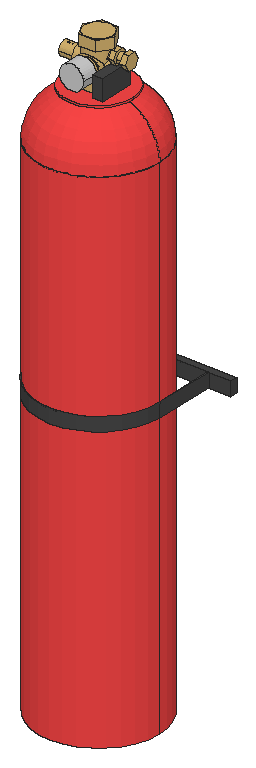
Revit family "Cilindros autonomos de 5 a 120l FK-5-1-12_Aguilera Extincion", category Equipos especializados, Revit 2019
Family settings
  Anfitrión = Suelo
  Cota de conector redondo = Radio de uso
  Tipo de pieza = Normal
  Número OmniClass = 23.65.20.14.24
  Título OmniClass = Other Gas Storage Vessels
  Siempre vertical = Sí
  Corte con vacíos al cargar = No
  Compartido = No
  Punto de cálculo de habitación = No
Parameters (values of type "Cilindro autónomo MH5112® (FK-5-1-12) - 120 l")
  URL = "https://aguilera.es/?productos=botellas-autonomas-de-14-a-345-l"
  Símbolo texto = yes
  Símbolo = yes
  Soporte = yes
  R = Diámetro / 2  # 177.277 mm
  Modelo = "AEX/FK120"
  L1 = 536 mm
  Hd = 1700 mm
  H2 = 850 mm
  Fabricante = "Aguilera Extinción"  # constant formula
  Descripción = "Cilindro de alta presión, fabricado en acero aleado tratado térmicamente sin soldadura (según Directiva Europea 84/525/CEE). Marcado π Presión de trabajo de 42 y 50 bar, presión de pruebas 250 bar, temperatura de servicio de -20ºC a +50ºC, grabados y pintados en color rojo (RAL 3002).\r\nEquipado con:\r\n• Válvula de descarga. Marcada CE según RD: 769/1999. Incluye:\r\n• Solenoide de disparo. (Alimentación 24V y 500mA de consumo)\r\n• Válvula de sobrepresión y disco de seguridad.\r\n• Válvula de alivio.\r\n• Manómetro 42 bar con presostato. Certificado Vds\r\n• Actuador manual\r\n• Herrajes de fijación.\r\n• Brida y caperuza protectora de la válvula y sus accesorios."  # constant formula
  Diámetro = 354.555 mm
  H = 1780 mm
  Aux_R = R / 2  # 88.639 mm
Types (8, lengths in mm): name | R | Modelo | L1 | Hd | H2 | Diámetro | H | Aux_R
  (no name) | 177.277 | "AEX/FK120" | 536 | 1700 | 850 | 354.555 | 1780 | 88.639
  Cilindro autónomo MH5112® (FK-5-1-12) - 80 l | 133.5 | "AEX/FK080" | 402 | 1800 | 900 | 267 | 1880 | 66.75
  Cilindro autónomo MH5112® (FK-5-1-12) - 120 l | 177.277 | "AEX/FK120" | 536 | 1700 | 850 | 354.555 | 1780 | 88.639
  Cilindro autónomo MH5112® (FK-5-1-12) - 67 l | 133.5 | "AEX/FK067" | 402 | 1600 | 800 | 267 | 1680 | 66.75
  Cilindro autónomo MH5112® (FK-5-1-12) - 40,2 l | 114.5 | "AEX/FK040" | 364 | 1300 | 650 | 229 | 1380 | 57.25
  Cilindro autónomo MH5112® (FK-5-1-12) - 26,8 l | 146.623 | "AEX/FK026" | 364 | 1000 | 500 | 293.247 | 1080 | 73.312
  Cilindro autónomo MH5112® (FK-5-1-12) - 13,4 l | 70 | "AEX/FK013" | 274 | 1100 | 550 | 140 | 1180 | 35
  Cilindro autónomo MH5112® (FK-5-1-12) - 5 l | 70 | "AEX/FK005" | 274 | 500 | 250 | 140 | 580 | 35
Reference planes
  plane 1 "Centro (Frontal/Posterior)": y = 0
  plane 2: z = 0
  plane 3 "Centro (Izquierda/Derecha)": x = 0
  plane 4: y = 177.277
  plane 5: z = 850
  plane 6: z = 1495
  plane 7: z = 1633.58
  plane 8: z = 1700
  plane 9: z = 1780
  plane 10: x = -100
  plane 11: x = -177.277
  plane 12: x = 177.277
  plane 13: x = -177.277
  plane 14: x = 177.277
  plane 15: x = -40
Forms (mm)
  Extrusion 1, solid, material "Acero rojo", detail levels medium+fine
    sketch origin (0, 0, 0) x (1, 0, 0) y (0, 1, 0)
      loop
        circle (0, 0) r 177.277
    from 0 to 1495
  Extrusion 2, solid, material "Brass", detail levels medium+fine
    sketch origin (-745.59, -6000, 1633.58) x (-1, 0, 0) y (0, -1, 0)
      loop
        circle (-745.59, -6000) r 40
    from 0 to 146.42
  Extrusion 3, solid, material "Brass", detail levels medium+fine
    sketch origin (-70, 0, 0) x (0, -1, 0) y (0, 0, 1)
      loop
        circle (0, 1700) r 25
    from -117.506 to -12.56
  Revolve 4, solid, material "Acero rojo", detail levels medium+fine
    sketch origin (0, 0, 0) x (1, 0, 0) y (0, 0, 1)
      loop
        line (0, 1633.58) -> (-40, 1633.58)
        arc (-40, 1633.58) -> (-137.098, 1593.066) -> (-177.277, 1495.829) r 137.752
        line (-177.277, 1495.829) -> (-177.277, 1495) -> (0, 1495) -> (0, 1633.58)
      axis (0, 1633.58) -> (0, 1495)
    angle from 0 to 360
  Extrusion 5, solid, material "Acero negro", visible <- "Soporte", detail levels fine
    sketch origin (-745.59, -6000, 850) x (-1, 0, 0) y (0, -1, 0)
      loop
        line (-500.812, -6197.277) -> (-500.812, -6177.277) -> (-566.312, -6177.277) -> (-566.312, -6000)
        arc (-566.312, -6000) -> (-745.59, -5820.723) -> (-924.867, -6000) r 179.277
        line (-924.867, -6000) -> (-924.867, -6177.277) -> (-990.367, -6177.277) -> (-990.367, -6197.277) -> (-500.812, -6197.277)
      loop
        arc (-568.312, -6000) -> (-745.59, -5822.723) -> (-922.867, -6000) r 177.277
        line (-922.867, -6000) -> (-922.867, -6177.277) -> (-568.312, -6177.277) -> (-568.312, -6000)
    from 20 to -20
  Extrusion 6, solid, material "Acero rojo", detail levels fine
    sketch origin (-745.59, -6000, 1633.58) x (-1, 0, 0) y (0, -1, 0)
      loop
        circle (-745.59, -6000) r 100
    from 0 to 5.101
  Extrusion 7, solid, material "Brass", detail levels medium+fine
    sketch origin (-745.59, -6000, 1780) x (-1, 0, 0) y (0, -1, 0)
      loop
        line (-769.342, -6041.141) -> (-721.837, -6041.141) -> (-698.084, -6000) -> (-721.837, -5958.859) -> (-769.342, -5958.859) -> (-793.095, -6000) -> (-769.342, -6041.141)
    from 0 to -30.23
  Extrusion 8, solid, material "Brass", detail levels medium+fine
    sketch origin (0.001, -69.978, 0) x (1, 0.000332, 0) y (0, 0, 1)
      loop
        circle (0, 1700) r 35
    from -70 to -28.863
  Extrusion 9, solid, material "Brass", detail levels medium+fine
    sketch origin (-145, 0, 0) x (0, -1, 0) y (0, 0, 1)
      loop
        circle (0, 1700) r 20
      loop
        circle (0, 1700) r 15
    from -87.56 to -45
  Extrusion 10, solid, material "Brass", detail levels medium+fine
    sketch origin (0.001, -127.334, 0) x (1, 0.000332, 0) y (0, 0, 1)
      loop
        circle (0, 1700) r 30
    from -86.218 to -73.878
  Extrusion 11, solid, material "Plástico gris", detail levels medium+fine
    sketch origin (0.001, -157.335, 0) x (1, 0.000332, 0) y (0, 0, 1)
      loop
        circle (0, 1700) r 35
    from -103.928 to -58.906
  Extrusion 12, solid, material "Brass", detail levels fine
    sketch origin (-27.334, -0.23, 26.684) x (0.000332, -1, 0) y (0, 0, 1)
      loop
        circle (-0.222, 1705.463) r 15
    from -108.689 to -58.467
  Extrusion 13, solid, material "Brass", detail levels fine
    sketch origin (146.623, 655.396, 4006.684) x (0, 1, 0) y (0, 0, 1)
      loop
        line (-666.922, -2254.537) -> (-678.469, -2274.537) -> (-666.922, -2294.537) -> (-643.828, -2294.537) -> (-632.281, -2274.537) -> (-643.828, -2254.537) -> (-666.922, -2254.537)
    from -98.997 to -83.977
  Extrusion 14, solid, material "Brass", detail levels fine
    sketch origin (146.623, 655.396, 4006.684) x (0, 1, 0) y (0, 0, 1)
      loop
        line (-666.922, -2254.537) -> (-678.469, -2274.537) -> (-666.922, -2294.537) -> (-643.828, -2294.537) -> (-632.281, -2274.537) -> (-643.828, -2254.537) -> (-666.922, -2254.537)
    from -65.269 to -49.269
  Extrusion 15, solid, material "Acero negro", detail levels fine
    sketch origin (-100, 837.763, 4000) x (0, 1, 0) y (0, 0, 1)
      loop
        line (-820.012, -2283.976) -> (-917.735, -2283.976) -> (-917.735, -2343.976) -> (-820.012, -2343.976) -> (-820.012, -2283.976)
    from 147.506 to 176.533
Lines and regions (mm)
  symbolic lines, style "SpecialityEquipment"
    curve 1: line (0, 217.277, 0) -> (0, 177.277, 0)
    curve 2: line (-25, 197.277, 0) -> (25, 197.277, 0)
    curve 3: circle (0, 197.277, 0) r 15 normal (0, 0, 1)
Dimensions and locks
  "H2": plane 5 to plane 2
  "Hd": plane 8 to plane 2
  "H": plane 9 to plane 2
  locked: plane 10 to plane 3 "Centro (Izquierda/Derecha)" at 100
  equal spacing: plane 11, plane 3 "Centro (Izquierda/Derecha)", plane 12
  "Diámetro": plane 11 to plane 12
  locked: plane 8 to plane 7 at 66.42
  locked: plane 8 to plane 6 at 205
  "R": plane 1 "Centro (Frontal/Posterior)" to plane 4
  equal spacing: plane 13, plane 3 "Centro (Izquierda/Derecha)", plane 14
  "Diámetro": plane 13 to plane 14
  equal spacing: Extrusion 5 sketch curve, plane 3 "Centro (Izquierda/Derecha)", Extrusion 5 sketch curve
  "R": Revolve 4 sketch curve to Revolve 4 sketch curve
  locked: Revolve 4 sketch curve to Revolve 4 sketch curve at 0.829
  "Diámetro": diameter of Extrusion 1 sketch curve
  aligned and locked: level to plane 2
  aligned and locked: plane 6 to Extrusion 1
  aligned and locked: plane 9 to Extrusion 2
  aligned and locked: Extrusion 2 to plane 7
  aligned and locked: Revolve 4 sketch curve to plane 3 "Centro (Izquierda/Derecha)"  (x2)
  aligned and locked: Extrusion 5 sketch curve to Extrusion 5 sketch curve  (x2)
  aligned and locked: Extrusion 5 sketch curve to plane 4
  aligned and locked: Extrusion 5 sketch curve to plane 14
  aligned and locked: Extrusion 5 sketch curve to plane 13
  aligned and locked: Revolve 4 sketch curve to plane 6
  aligned and locked: plane 15 to Extrusion 2
  aligned and locked: plane 15 to Revolve 4 sketch curve
  aligned and locked: Extrusion 9 to plane 10
  aligned and locked: Extrusion 15 to Extrusion 3
Automatic sketch dimensions
  curve 1 to plane 3 "Centro (Izquierda/Derecha)" = 0 mm
  curve 3 to plane 3 "Centro (Izquierda/Derecha)" = 0 mm
  curve 1 to plane 4 = 0 mm
  curve 1 to curve 3 = 20 mm
  curve 2 to plane 3 "Centro (Izquierda/Derecha)" = 25 mm
  plane 3 "Centro (Izquierda/Derecha)" to curve 2 = 25 mm
  plane 4 to curve 2 = 20 mm
  curve 3 to curve 1 = 20 mm
  plane 1 "Centro (Frontal/Posterior)" to Extrusion 1 sketch curve = 0 mm
  Extrusion 1 sketch curve to plane 3 "Centro (Izquierda/Derecha)" = 0 mm
  plane 1 "Centro (Frontal/Posterior)" to Extrusion 2 sketch curve = 0 mm
  Extrusion 2 sketch curve to plane 3 "Centro (Izquierda/Derecha)" = 0 mm
  Extrusion 3 sketch curve to plane 1 "Centro (Frontal/Posterior)" = 0 mm
  Extrusion 3 sketch curve to plane 8 = 0 mm
  Revolve 4 sketch curve to plane 7 = 0 mm
  plane 5 to Revolve 4 sketch curve = 8.628 mm
  Revolve 4 sketch curve to plane 8 = 6 mm
  Extrusion 5 sketch curve to Extrusion 5 sketch curve = 0 mm  (x2)
  plane 1 "Centro (Frontal/Posterior)" to Extrusion 5 sketch curve = 0 mm
  Extrusion 5 sketch curve to plane 14 = 2 mm
  Extrusion 5 sketch curve to Extrusion 5 sketch curve = 65.5 mm
  Extrusion 5 sketch curve to Extrusion 5 sketch curve = 20 mm
  plane 1 "Centro (Frontal/Posterior)" to Extrusion 6 sketch curve = 0 mm
  Extrusion 6 sketch curve to plane 3 "Centro (Izquierda/Derecha)" = 0 mm
  plane 1 "Centro (Frontal/Posterior)" to Extrusion 7 sketch curve = 0 mm  (x2)
  plane 3 "Centro (Izquierda/Derecha)" to Extrusion 7 sketch curve = 47.506 mm
  plane 3 "Centro (Izquierda/Derecha)" to Extrusion 7 sketch curve = 23.753 mm  (x2)
  Extrusion 7 sketch curve to plane 3 "Centro (Izquierda/Derecha)" = 23.753 mm  (x2)
  Extrusion 7 sketch curve to Extrusion 7 sketch curve = 23.753 mm
  Extrusion 7 sketch curve to plane 1 "Centro (Frontal/Posterior)" = 41.141 mm
  plane 1 "Centro (Frontal/Posterior)" to Extrusion 7 sketch curve = 41.141 mm
  Extrusion 8 sketch curve to plane 8 = 0 mm
  Extrusion 9 sketch curve to Extrusion 9 sketch curve = 0 mm  (x2)
  Extrusion 9 sketch curve to plane 1 "Centro (Frontal/Posterior)" = 0 mm
  Extrusion 9 sketch curve to plane 8 = 0 mm
  Extrusion 10 sketch curve to plane 8 = 0 mm
  Extrusion 11 sketch curve to plane 8 = 0 mm
  plane 8 to Extrusion 12 sketch curve = 32.147 mm
  plane 1 "Centro (Frontal/Posterior)" to Extrusion 13 sketch curve = 23.073 mm
  plane 1 "Centro (Frontal/Posterior)" to Extrusion 13 sketch curve = 11.526 mm  (x2)
  Extrusion 13 sketch curve to plane 1 "Centro (Frontal/Posterior)" = 11.568 mm  (x2)
  Extrusion 13 sketch curve to Extrusion 13 sketch curve = 11.547 mm
  plane 8 to Extrusion 13 sketch curve = 12.147 mm
  Extrusion 13 sketch curve to Extrusion 13 sketch curve = 20 mm  (x3)
  plane 1 "Centro (Frontal/Posterior)" to Extrusion 14 sketch curve = 23.073 mm
  plane 1 "Centro (Frontal/Posterior)" to Extrusion 14 sketch curve = 11.526 mm  (x2)
  Extrusion 14 sketch curve to plane 1 "Centro (Frontal/Posterior)" = 11.568 mm  (x2)
  Extrusion 14 sketch curve to Extrusion 14 sketch curve = 11.547 mm
  plane 8 to Extrusion 14 sketch curve = 12.147 mm
  Extrusion 14 sketch curve to Extrusion 14 sketch curve = 20 mm  (x3)
  plane 8 to Extrusion 15 sketch curve = 16.024 mm
  plane 1 "Centro (Frontal/Posterior)" to Extrusion 15 sketch curve = 79.972 mm
  Extrusion 15 sketch curve to plane 1 "Centro (Frontal/Posterior)" = 17.752 mm
  plane 7 to Extrusion 15 sketch curve = 22.444 mm
  radius of curve 3 = 15 mm
  radius of Extrusion 2 sketch curve = 40 mm
  radius of Extrusion 3 sketch curve = 25 mm
  radius of Extrusion 6 sketch curve = 100 mm
  radius of Extrusion 8 sketch curve = 35 mm
  radius of Extrusion 9 sketch curve = 20 mm
  radius of Extrusion 9 sketch curve = 15 mm
  radius of Extrusion 10 sketch curve = 30 mm
  radius of Extrusion 11 sketch curve = 35 mm
  radius of Extrusion 12 sketch curve = 15 mm
Nested families
  nested 1: "S_Cilindro_Aguilera Extinción" at (0, 0, 0), visible <- "Símbolo", type "S_Cilindro_Aguilera Extinción", detail levels coarse
Definition of nested family "S_Cilindro_Aguilera Extinción"
  Parameters (values of type "S_Cilindro_Aguilera Extinción")
    Texto símbolo = "Cilindros"
    Texto modelo = yes
    Modelo = "Cilindros"
  Reference planes
    plane 1: y = 0
    plane 2: x = 0
  Lines and regions (mm)
    detail lines
      curve 1: line (-1.703, -1.659, 0) -> (1.659, -1.659, 0)
      curve 2: line (-1.703, 1.659, 0) -> (-1.703, -1.659, 0)
      curve 3: line (1.659, 1.659, 0) -> (-1.703, 1.659, 0)
      curve 4: line (1.659, -1.659, 0) -> (1.659, 1.659, 0)
      curve 5: circle (0, 0, 0) r 1.659 normal (0, 0, 1)
  Text (mm)
    label "Texto símbolo" at (-0.164, 3.111, 0), shows "Texto símbolo"
    label "Modelo" at (-0.164, -2.652, 0), shows "Modelo", visible <- "Texto modelo"
